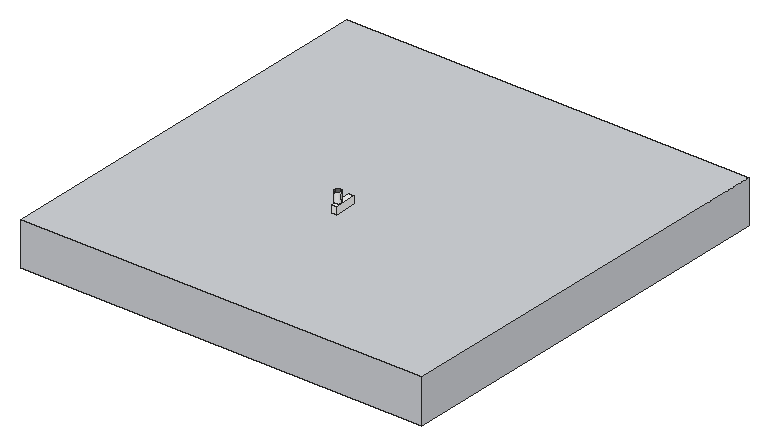
Revit family "Zumtobel SUP2 M", category Lighting Fixtures, host Face, Revit 2016
Family settings
  Host = Face
  Part Type = Normal
  Round Connector Dimension = Use Diameter
  OmniClass Number = 23.80.70.11
  OmniClass Title = Luminaries for Internal Lighting
  Cut with Voids When Loaded = No
  Light Source = No
  Shared = No
  Room Calculation Point = No
Parameters (values of type "SUP2 M LED")
  Wattage Comments = ""
  Voltage = 230 V
  URL = "http://www.zumtobel.com/60714929"
  Type Comments = "© Zumtobel. We reserve the right to make technical changes without prior notice."  # constant formula
  Reflector = Zumtobel_Cover_Self_llumination_Opaque
  Model = "60714929"
  Rotation [instance] = -90.00°
  Angle [instance] = 90.00°
  Manufacturer = "Zumtobel Lighting"  # constant formula
  Length = 126 mm  # constant formula
  Lamp = "LED"
  Height = 157 mm  # constant formula
  Description = "LED spot luminaires"  # constant formula
  Default Elevation = 0 mm
  Body [instance] = Zumtobel_Metal_White
  Assembly Code = "D5020200"
  Apparent Load = 0 VA  # constant formula
Reference planes
  plane 1 "Center (Front/Back)": y = 0
  plane 2 "Top": z = 0
  plane 3 "Center (Left/Right)": x = 399.5
  plane 4 "Base": z = 50
Forms (mm)
  Extrusion 1, solid
    sketch origin (116.179, 575, 0) x (1, 0, 0) y (0, 1, 0)
      loop
        line (-1016.679, 1125) -> (-1016.679, -1737.29) -> (1803.321, -1737.29) -> (1803.321, 1125) -> (-1016.679, 1125)
    from 0 to -304.8
  Extrusion 2, solid, material "Zumtobel_Metal_White" <- "Body"
    sketch origin (0, 0, 0) x (1, 0, 0) y (0, 0, 1)
      loop
        line (382.5, 50) -> (382.5, 0) -> (416.5, 0) -> (416.5, 50) -> (382.5, 50)
    from -118.217 to 31.783
Lines and regions (mm)
  reference lines
    curve 1: line (399.5, 0, 50) -> (399.5, -155.398, 50)
Dimensions and locks
  "Rotation": angle plane 1 "Center (Front/Back)" to curve 1
  aligned and locked: Extrusion 1 to plane 2 "Top"
  aligned and locked: Extrusion 1 to level
  aligned and locked: plane 3 "Center (Left/Right)" to curve 1
  aligned and locked: plane 1 "Center (Front/Back)" to curve 1
Automatic sketch dimensions
  Extrusion 1 sketch curve to Extrusion 1 sketch curve = 2820 mm
  Extrusion 1 sketch curve to Extrusion 1 sketch curve = 2862.29 mm
  Extrusion 2 sketch curve to plane 4 "Base" = 0 mm
  Extrusion 2 sketch curve to level = 0 mm
  plane 3 "Center (Left/Right)" to Extrusion 2 sketch curve = 17 mm
  Extrusion 2 sketch curve to plane 3 "Center (Left/Right)" = 17 mm
Nested families
  nested 1: "Zumtobel SUP2 M Body" at (599.5, 155, 64), Angle <- "Angle", type "Zumtobel SUP2 M Body"
    with Angle 90.00°
Connectors
  electrical at (399.5, 43.217, 0), driven by "Voltage", driven by "Apparent Load"
    settings: on Extrusion 2, index 1, voltage 230 V, apparent load 0 VA, apparent load phase1 0 VA, apparent load phase2 0 VA, apparent load phase3 0 VA, power factor 1, load classification "Lighting", number of poles 1, system type 30, power factor state 1, is connector primary yes, connector utility no, sub classification motor no, connector description ""
Definition of nested family "Zumtobel SUP2 M Body"
  Parameters (values of type "Zumtobel SUP2 L Body")
    Wattage = 3.95175 W
    built-in parameter 1150110 = 1 (stored number, unit not read)
    Voltage = 230 V
    URL = "http://www.zumtobel.com/60714998\r\n42185393"
    Type Comments = "© Zumtobel. We reserve the right to make technical changes without prior notice."  # constant formula
    built-in parameter 1114217 = 1 (stored number, unit not read)
    Tilt Angle = 0.00°
    built-in parameter 1150109 = 1 (stored number, unit not read)
    built-in parameter 1150134 = (empty or 0)
    built-in parameter 1150113 = 1 (stored number, unit not read)
    Photometric Web File = "60714929_(STD_LEO).IES"
    Model = "60714998"
    Manufacturer = "Zumtobel Lighting"  # constant formula
    built-in parameter 1150105 = 3750.9 (stored number, unit not read)
    Lumens = 587 lm
    built-in parameter 1150115 = 1 (stored number, unit not read)
    built-in parameter 1150137 = (empty or 0)
    built-in parameter 1150139 = (empty or 0)
    built-in parameter 1150112 = 1 (stored number, unit not read)
    built-in parameter 1150114 = 1 (stored number, unit not read)
    Lamp = "LED"
    built-in parameter 1150132 = 2
    built-in parameter 1150102 = (empty or 0)
    built-in parameter 1150107 = 3000 (stored number, unit not read)
    built-in parameter 1150138 = (empty or 0)
    built-in parameter 1150106 = 37.509 (stored number, unit not read)
    built-in parameter 1150104 = 13.8 (stored number, unit not read)
    Dimming Lamp Color Temperature Shift = (empty or 0)
    Description = "LED accent spot"  # constant formula
    Default Elevation = 0 mm
    Cover = none
    Color Filter = 16777215
    Body = none
    built-in parameter 1114218 = 1 (stored number, unit not read)
    built-in parameter 1150133 = 10 (stored number, unit not read)
    Assembly Code = "D5020210"
    Apparent Load = 12 VA
    Angle [instance] = 90.00°
  Reference planes
    plane 1: z = 0
    plane 2 "Center (Front/Back)": y = -155
    plane 3 "Center (Left/Right)": x = -200
    plane 4: z = -14
  Forms (mm)
    Revolve 1, solid, material <- "Body"
      sketch origin (-200, -155, 0) x (0, 0, 1) y (-1, 0, 0)
        loop
          line (46, 0) -> (46, 21.5) -> (64, 21.5) -> (64, 22.5) -> (-2, 22.5) -> (-2, 0) -> (46, 0)
        axis (-2, 0) -> (64, 0)
      angle from 0 to 360
    Extrusion 2, solid, material <- "Body"
      sketch origin (0, 0, 0) x (1, 0, 0) y (0, 1, 0)
        loop
          circle (-200, -155) r 2.5
      from -14 to 0
    Extrusion 3, void
      sketch origin (-200, -212.524, -28.991) x (0, 0, 1) y (0, -1, 0)
        loop
          arc (48.275, -60.524) -> (51.275, -57.524) -> (48.275, -54.524) r 3
          line (48.275, -54.524) -> (14.991, -54.524) -> (14.991, -60.524) -> (48.275, -60.524)
      from -2.5 to 50
  Cuts and joins
    Extrusion 3 cuts Revolve 1
  Lines and regions (mm)
    reference lines
      curve 1: line (-200, -155, 0) -> (-200, -155, 84)
      curve 2: line (-200, -155, 48) -> (-250, -155, 48)
  Dimensions and locks
    "Angle": angle plane 1 to curve 1
    aligned and locked: plane 3 "Center (Left/Right)" to curve 1
    aligned and locked: plane 1 to curve 1
    aligned and locked: imposter light to curve 2  (x2)
  Automatic sketch dimensions
    plane 2 "Center (Front/Back)" to Extrusion 2 sketch curve = 0 mm
    Extrusion 2 sketch curve to plane 3 "Center (Left/Right)" = 0 mm
    curve 2 to curve 1 = 36 mm
    curve 2 to curve 1 = 0 mm
    curve 1 to curve 2 = 50 mm
    curve 1 to Revolve 1 sketch curve = 0 mm
    Revolve 1 sketch curve to curve 1 = 0 mm
    Revolve 1 sketch curve to curve 1 = 2 mm
    Revolve 1 sketch curve to curve 1 = 38 mm
    Revolve 1 sketch curve to curve 1 = 20 mm
    curve 1 to Revolve 1 sketch curve = 21.5 mm
    Revolve 1 sketch curve to Revolve 1 sketch curve = 1 mm
    curve 1 to Revolve 1 sketch curve = 61 mm
    Revolve 1 sketch curve to Revolve 1 sketch curve = 10 mm
    Extrusion 3 sketch curve to curve 1 = 0 mm
    curve 1 to Extrusion 3 sketch curve = 19.283 mm
    Extrusion 3 sketch curve to curve 1 = 3 mm
    Extrusion 3 sketch curve to curve 1 = 14 mm
    radius of Extrusion 2 sketch curve = 2.5 mm
